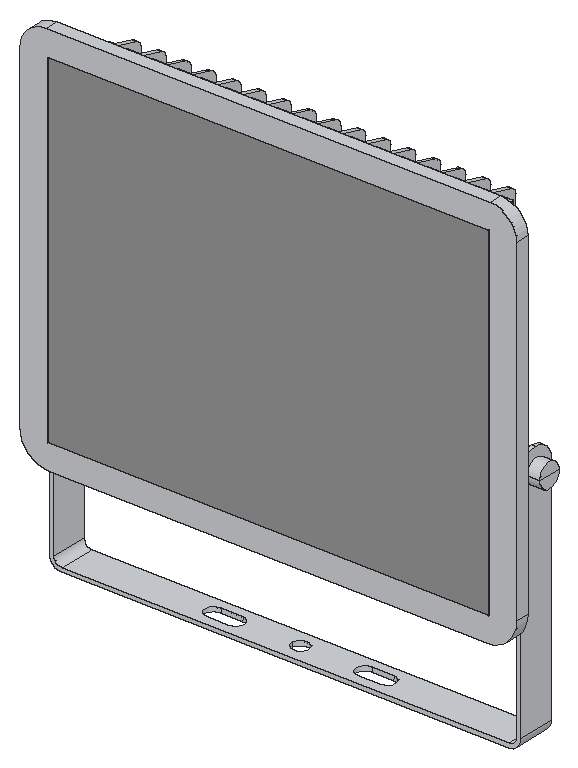
Revit family "0050120", category Lighting Fixtures, Revit 2017
Family settings
  Round Connector Dimension = Use Diameter
  Part Type = Normal
  OmniClass Number = 23.80.70.00
  OmniClass Title = Lighting
  Work Plane-Based = No
  Always vertical = Yes
  Cut with Voids When Loaded = No
  Light Source = Yes
  Shared = No
  Room Calculation Point = No
Parameters (values of type "0050120 ST FLD FLT IP65 5000LM 840 WH")
  Weight = "4.44 kg"
  Wattage = 45 W
  WarrantyStartDate [instance] = "n/a"
  WarrantyGuarantorParts = "n/a"
  WarrantyDurationUnit = "n/a"
  WarrantyDurationParts = "n/a"
  WarrantyDescription = "n/a"
  built-in parameter 1150110 = 1 (stored number, unit not read)
  Voltage = 0 V
  URL = "http://www.sylvania-lighting.com"
  TypeName = "Start Flood Flat IP65 5000LM 840 White"
  built-in parameter 1114217 = 1 (stored number, unit not read)
  Tilt Angle = 0.00°
  built-in parameter 1150109 = 1 (stored number, unit not read)
  built-in parameter 1150134 = 12
  built-in parameter 1150113 = 1 (stored number, unit not read)
  SerialNumber [instance] = "n/a"
  PowerFactor = 0.9
  PowerConsumption = "45 W"
  Photometric Web File = "0050120.ies"
  NominalWidth = 0 mm
  NominalLength = 151 mm
  NominalHeight = 30 mm
  Name = "Start Flood Flat IP65 5000LM 840 White"
  ModelReference = "Start Flood Flat IP65 5000LM 840 White"
  ModelNumber = "0050120"
  Model = "Start Flood Flat IP65 5000LM 840 White"
  Material_4_FEILO = none
  Material_3_FEILO = none
  Material_2_FEILO = Default New Material
  Material_1_FEILO = none
  Material = "n/a"
  ManufacturerName = "Feilo Sylvania"
  Manufacturer = "Feilo Sylvania"
  LuminousEfficacy = "111 lm/W"
  Lumens = 4995 lm
  LuminaireType = ""
  built-in parameter 1150115 = 1 (stored number, unit not read)
  built-in parameter 1150105 = -9028462.5 (stored number, unit not read)
  LightOutputRatio = "n/a"
  built-in parameter 1150137 = (empty or 0)
  built-in parameter 1150139 = (empty or 0)
  LampsType = "LED"
  LampNominalLuminous = "5000 lm"
  LampMacAdamStep = "5"
  LampColourTemperature = "4000 K"
  LampColourRenderingIndex = "80"
  built-in parameter 1150112 = 1 (stored number, unit not read)
  built-in parameter 1150114 = 1 (stored number, unit not read)
  Lamp = "LED"
  LUM_WIDTH_SYL = 93.5 mm  # constant formula
  LUM_HEIGHT_SYL = 74.5 mm  # constant formula
  LUM_EXTR_ST_SYL = -5 mm
  LUM_EXTR_END_SYL = 0 mm
  LUM_DEPTH_SYL = 30 mm
  Keynote = "16500"
  InstallationDate [instance] = "n/a"
  InputVoltage = "n/a"
  InputNominalFrequency = "n/a"
  built-in parameter 1150132 = 2
  built-in parameter 1150102 = (empty or 0)
  built-in parameter 1150138 = (empty or 0)
  built-in parameter 1150107 = 4000 (stored number, unit not read)
  IngressProtection = "IP65"
  ImpactProtectionIndex = "IK06"
  built-in parameter 1150106 = -90284.6 (stored number, unit not read)
  IfcExportType = "IfcLightFixtureType"
  IfcExportAs = "IfcLightFixtureType"
  ElectricShockClassification = "Class I"
  built-in parameter 1150104 = 10.312 (stored number, unit not read)
  DocumentationLiterature = "http://www.sylvania-lighting.com/product/en-int/products/0050120"
  DimmingControlOptions = "n/a"
  Dimming Lamp Color Temperature Shift = <None>
  DIF_WIDTH_SYL = 83 mm  # constant formula
  DIF_HEIGHT_SYL = 65 mm  # constant formula
  CreatedOn = "12/2/2020"
  CreatedBy = "@sylvania-lighting.com"
  Color Filter = 16777215
  ClassificationValue = "EF_70_80"
  ClassificationName = "Uniclass2015"
  CABLE_SIDE_DIST_SYL = 47 mm
  CABLE_LENGTH_SYL = 5 mm
  CABLE_FRONT_DIST_SYL = 17.5 mm
  CABLES_DIST_SYL = 93 mm
  BarCode [instance] = "n/a"
  built-in parameter 1114218 = 1 (stored number, unit not read)
  B_RAIL_R_DIST_SYL = 7 mm
  B_RAIL_HEIGHT_SYL = 27 mm
  B_RAIL_DEPTH_SYL = 44 mm
  B_RAIL_CHAMFER_SYL = 7 mm
  BRACKET_HOLDER_WIDTH_SYL = 12 mm
  BRACKET_HOLDER_HEIGHT_SYL = 17 mm
  BRACKET_HOLDER_DIST_SIDE_SYL = 2.8 mm
  BRACKET_HOLDER_DIST_BOTT_SYL = 48 mm
  BRACKET_HOLDER_DEPTH_SYL = 5.7 mm
  BOX_WIDTH_SYL = 76.5 mm
  BOX_TOP_DIST_SYL = 10.5 mm
  BOX_DEPTH_SYL = 14 mm
  BOX_BOTT_DIST_SYL = 28 mm
  BACK_RAIL_WIDTH_SYL = 1.4 mm
  BACK_RAIL_SIDE_DIST_SYL = 19 mm
  BACK_PL_EXTR_ST_SYL = -6 mm
  BACK_PL_EXTR_ST(-1)_SYL = BACK_PL_EXTR_ST_SYL * (-1)  # 6 mm
  BACK_PL_EXTR_END_SYL = -3 mm
  BACK_PL_EXTR_END(-1)_SYL = BACK_PL_EXTR_END_SYL * (-1)  # 3 mm
  built-in parameter 1150133 = 10 (stored number, unit not read)
  AssetType = "Fixed"
  AssetIdentifier [instance] = "n/a"
  Assembly Code = "D5020200"
  Apparent Load = 45 VA
  0_18W_SYL = yes
Types (5, lengths in mm): name | TypeName | built-in parameter 1150134 | Photometric Web File | Name | ModelReference | ModelNumber | Model | LuminousEfficacy | Lumens | built-in parameter 1150105 | LampNominalLuminous | LampColourTemperature | built-in parameter 1150107 | built-in parameter 1150106 | built-in parameter 1150104 | DocumentationLiterature
  0050154 ST FLD FLT IP65 5000LM 865 BK | "Start Flood Flat IP65 5000LM 865 Black" | 1 | "0050154.ies" | "Start Flood Flat IP65 5000LM 865 Black" | "Start Flood Flat IP65 5000LM 865 Black" | "0050154" | "Start Flood Flat IP65 5000LM 865 Black" | "111 lm/W" | 4995 lm | -9028462.5 (stored number, unit not read) | "5000 lm" | "6500 K" | 6500 (stored number, unit not read) | -90284.6 (stored number, unit not read) | 10.312 (stored number, unit not read) | "http://www.sylvania-lighting.com/product/en-int/products/0050154"
  0050120 ST FLD FLT IP65 5000LM 840 WH | "Start Flood Flat IP65 5000LM 840 White" | 12 | "0050120.ies" | "Start Flood Flat IP65 5000LM 840 White" | "Start Flood Flat IP65 5000LM 840 White" | "0050120" | "Start Flood Flat IP65 5000LM 840 White" | "111 lm/W" | 4995 lm | -9028462.5 (stored number, unit not read) | "5000 lm" | "4000 K" | 4000 (stored number, unit not read) | -90284.6 (stored number, unit not read) | 10.312 (stored number, unit not read) | "http://www.sylvania-lighting.com/product/en-int/products/0050120"
  0050119 ST FLD FLT IP65 4650LM 830 WH | "Start Flood Flat IP65 4650LM 830 White" | (empty or 0) | "0050119.ies" | "Start Flood Flat IP65 4650LM 830 White" | "Start Flood Flat IP65 4650LM 830 White" | "0050119" | "Start Flood Flat IP65 4650LM 830 White" | "103 lm/W" | 4635 lm | -7791342.3 (stored number, unit not read) | "4650 lm" | "3000 K" | 3000 (stored number, unit not read) | -77913.4 (stored number, unit not read) | 9.569 (stored number, unit not read) | "http://www.sylvania-lighting.com/product/en-int/products/0050119"
  0050118 ST FLD FLT IP65 5000LM 840 BK | "Start Flood Flat IP65 5000LM 840 Black" | 12 | "0050118.ies" | "Start Flood Flat IP65 5000LM 840 Black" | "Start Flood Flat IP65 5000LM 840 Black" | "0050118" | "Start Flood Flat IP65 5000LM 840 Black" | "111 lm/W" | 4995 lm | -9028462.5 (stored number, unit not read) | "5000 lm" | "4000 K" | 4000 (stored number, unit not read) | -90284.6 (stored number, unit not read) | 10.312 (stored number, unit not read) | "http://www.sylvania-lighting.com/product/en-int/products/0050118"
  0050117 ST FLD FLT IP65 4650LM 830 BK | "Start Flood Flat IP65 4650LM 830 Black" | (empty or 0) | "0050117.ies" | "Start Flood Flat IP65 4650LM 830 Black" | "Start Flood Flat IP65 4650LM 830 Black" | "0050117" | "Start Flood Flat IP65 4650LM 830 Black" | "103 lm/W" | 4635 lm | -7791342.3 (stored number, unit not read) | "4650 lm" | "3000 K" | 3000 (stored number, unit not read) | -77913.4 (stored number, unit not read) | 9.569 (stored number, unit not read) | "http://www.sylvania-lighting.com/product/en-int/products/0050117"
Reference planes
  plane 1 "Light Source Axis (F/B)": y = 0
  plane 2: z = 0
  plane 3 "Light Source Axis (L/R)": x = 0
  plane 4 "Light Source Elevation": z = -0.469
  plane 5: x = 93.5
  plane 6: x = -93.5
  plane 7: z = 74.5
  plane 8: z = -74.5
  plane 9: x = 83
  plane 10: x = -83
  plane 11: z = 65
  plane 12: z = -65
  plane 13: y = 6
  plane 14: y = 3
  plane 15: x = -76.5
  plane 16: x = 76.5
  plane 17: y = 20
  plane 18: z = 64
  plane 19: z = -46.5
  plane 20: y = 30
  plane 21: z = -26.5
  plane 22: z = -14.5
  plane 23: y = 21
  plane 24: x = 54.2
  plane 25: x = 39.5
  plane 26: x = 46.5
  plane 27: x = -46.5
  plane 28: y = 14
  plane 29: z = -38
  plane 30: y = 27
  plane 31: z = -2.5
  plane 32: z = -9.5
  plane 33: x = 74.5
  plane 34: x = 73.1
  plane 35: x = 66.1
  plane 36: x = 20.8
  plane 37: x = 13.8
  plane 38: x = 12.4
  plane 39: x = 5.4
  plane 40: x = 4
  plane 41: z = -50.4
  plane 42: x = -71.3
  plane 43: x = -69.7
  plane 44: x = 87.1
  plane 45: x = 80.1
  plane 46: z = -76.1
Forms (mm)
  Extrusion 1, solid
    sketch origin (0, 0, 0) x (1, 0, 0) y (0, 0, 1)
      loop
        arc (-83.5, 74.5) -> (-90.571, 71.571) -> (-93.5, 64.5) r 10
        line (-93.5, 64.5) -> (-93.5, -63)
        arc (-93.5, -63) -> (-90.132, -71.132) -> (-82, -74.5) r 11.5
        line (-82, -74.5) -> (82, -74.5)
        arc (82, -74.5) -> (90.132, -71.132) -> (93.5, -63) r 11.5
        line (93.5, -63) -> (93.5, 64.5)
        arc (93.5, 64.5) -> (90.571, 71.571) -> (83.5, 74.5) r 10
        line (83.5, 74.5) -> (-83.5, 74.5)
      loop
        line (-83, 65) -> (-83, -65) -> (83, -65) -> (83, 65) -> (-83, 65)
    from -5 <- "LUM_EXTR_ST_SYL" to 0 <- "LUM_EXTR_END_SYL"
  Extrusion 2, solid, material "Default New Material" <- "Material_2_FEILO"
    sketch origin (0, 0, 0) x (1, 0, 0) y (0, 0, 1)
      loop
        line (-83, 65) -> (-83, -65) -> (83, -65) -> (83, 65) -> (-83, 65)
    from -3 <- "BACK_PL_EXTR_END_SYL" to 0 <- "LUM_EXTR_END_SYL"
  Extrusion 3, solid
    sketch origin (0, 0, 0) x (1, 0, 0) y (0, 0, 1)
      loop
        line (83, 65) -> (-83, 65) -> (-83, -65) -> (83, -65) -> (83, 65)
    from -6 <- "BACK_PL_EXTR_ST_SYL" to -3 <- "BACK_PL_EXTR_END_SYL"
  Extrusion 4, solid
    sketch origin (0, 0, 0) x (1, 0, 0) y (0, 1, 0)
      loop
        arc (-75.5, 20) -> (-76.207, 19.707) -> (-76.5, 19) r 1
        line (-76.5, 19) -> (-76.5, 6) -> (76.5, 6) -> (76.5, 19)
        arc (76.5, 19) -> (76.207, 19.707) -> (75.5, 20) r 1
        line (75.5, 20) -> (-75.5, 20)
    from -46.5 to 64
  Extrusion 5, solid
    sketch origin (0, 0, 0) x (1, 0, 0) y (0, 1, 0)
      loop
        arc (-66.5, 30) -> (-73.571, 27.071) -> (-76.5, 20) r 10
        line (-76.5, 20) -> (-76.5, 6) -> (76.5, 6) -> (76.5, 20)
        arc (76.5, 20) -> (73.571, 27.071) -> (66.5, 30) r 10
        line (66.5, 30) -> (-66.5, 30)
    from -65 to -46.5
  Extrusion 6, solid
    sketch origin (0, 0, 0) x (0, 1, 0) y (0, 0, 1)
      loop
        line (5, -14.5) -> (5, -26.5) -> (15, -26.5)
        arc (15, -26.5) -> (19.243, -24.743) -> (21, -20.5) r 6
        arc (21, -20.5) -> (19.243, -16.257) -> (15, -14.5) r 6
        line (15, -14.5) -> (5, -14.5)
      loop
        circle (15, -20.5) r 2.5
    from 80.1 to 87.1
  Extrusion 7, solid
    sketch origin (0, 0, 0) x (1, 0, 0) y (0, 1, 0)
      loop
        circle (-46.5, 14) r 7
      loop
        circle (46.5, 14) r 9
    from -59.1 to -76.1
  Extrusion 8, solid
    sketch origin (75.017, 5.639, -10.469) x (0, 1, 0) y (0, 0, 1)
      loop
        line (-0.625, -36.469) -> (21.299, -36.469) -> (21.299, 71.149)
        arc (21.299, 71.149) -> (20.908, 73.206) -> (19.238, 74.469) r 2.911
        line (19.238, 74.469) -> (-0.625, 80.168) -> (-0.625, 15.688) -> (-0.625, -36.469)
    from -146.317 to -144.717
  Extrusion 9, solid
    sketch origin (-75.017, 5.639, -10.469) x (0, 1, 0) y (0, 0, -1)
      loop
        line (-0.625, 36.469) -> (-0.625, -15.688) -> (-0.625, -80.168) -> (19.238, -74.469)
        arc (19.238, -74.469) -> (20.908, -73.206) -> (21.299, -71.149) r 2.911
        line (21.299, -71.149) -> (21.299, 36.469) -> (-0.625, 36.469)
    from -146.317 to -144.717
  Extrusion 10, solid
    sketch origin (216.017, 5.639, -10.469) x (0, 1, 0) y (0, 0, 1)
      loop
        line (-0.625, -36.469) -> (21.299, -36.469) -> (21.299, 71.149)
        arc (21.299, 71.149) -> (20.908, 73.206) -> (19.238, 74.469) r 2.911
        line (19.238, 74.469) -> (-0.625, 80.168) -> (-0.625, 15.688) -> (-0.625, -36.469)
    from -146.317 to -144.717
  Extrusion 11, solid
    sketch origin (84.417, 5.639, -10.469) x (0, 1, 0) y (0, 0, 1)
      loop
        line (-0.625, -36.469) -> (21.299, -36.469) -> (21.299, 71.149)
        arc (21.299, 71.149) -> (20.908, 73.206) -> (19.238, 74.469) r 2.911
        line (19.238, 74.469) -> (-0.625, 80.168) -> (-0.625, 15.688) -> (-0.625, -36.469)
    from -146.317 to -144.717
  Extrusion 12, solid
    sketch origin (93.817, 5.639, -10.469) x (0, 1, 0) y (0, 0, 1)
      loop
        line (-0.625, -36.469) -> (21.299, -36.469) -> (21.299, 71.149)
        arc (21.299, 71.149) -> (20.908, 73.206) -> (19.238, 74.469) r 2.911
        line (19.238, 74.469) -> (-0.625, 80.168) -> (-0.625, 15.688) -> (-0.625, -36.469)
    from -146.317 to -144.717
  Extrusion 13, solid
    sketch origin (103.217, 5.639, -10.469) x (0, 1, 0) y (0, 0, 1)
      loop
        line (-0.625, -36.469) -> (21.299, -36.469) -> (21.299, 71.149)
        arc (21.299, 71.149) -> (20.908, 73.206) -> (19.238, 74.469) r 2.911
        line (19.238, 74.469) -> (-0.625, 80.168) -> (-0.625, 15.688) -> (-0.625, -36.469)
    from -146.317 to -144.717
  Extrusion 14, solid
    sketch origin (112.617, 5.639, -10.469) x (0, 1, 0) y (0, 0, 1)
      loop
        line (-0.625, -36.469) -> (21.299, -36.469) -> (21.299, 71.149)
        arc (21.299, 71.149) -> (20.908, 73.206) -> (19.238, 74.469) r 2.911
        line (19.238, 74.469) -> (-0.625, 80.168) -> (-0.625, 15.688) -> (-0.625, -36.469)
    from -146.317 to -144.717
  Extrusion 15, solid
    sketch origin (122.017, 5.639, -10.469) x (0, 1, 0) y (0, 0, 1)
      loop
        line (-0.625, -36.469) -> (21.299, -36.469) -> (21.299, 71.149)
        arc (21.299, 71.149) -> (20.908, 73.206) -> (19.238, 74.469) r 2.911
        line (19.238, 74.469) -> (-0.625, 80.168) -> (-0.625, 15.688) -> (-0.625, -36.469)
    from -146.317 to -144.717
  Extrusion 16, solid
    sketch origin (131.417, 5.639, -10.469) x (0, 1, 0) y (0, 0, 1)
      loop
        line (-0.625, -36.469) -> (21.299, -36.469) -> (21.299, 71.149)
        arc (21.299, 71.149) -> (20.908, 73.206) -> (19.238, 74.469) r 2.911
        line (19.238, 74.469) -> (-0.625, 80.168) -> (-0.625, 15.688) -> (-0.625, -36.469)
    from -146.317 to -144.717
  Extrusion 17, solid
    sketch origin (140.817, 5.639, -10.469) x (0, 1, 0) y (0, 0, 1)
      loop
        line (-0.625, -36.469) -> (21.299, -36.469) -> (21.299, 71.149)
        arc (21.299, 71.149) -> (20.908, 73.206) -> (19.238, 74.469) r 2.911
        line (19.238, 74.469) -> (-0.625, 80.168) -> (-0.625, 15.688) -> (-0.625, -36.469)
    from -146.317 to -144.717
  Extrusion 18, solid
    sketch origin (150.217, 5.639, -10.469) x (0, 1, 0) y (0, 0, 1)
      loop
        line (-0.625, -36.469) -> (21.299, -36.469) -> (21.299, 71.149)
        arc (21.299, 71.149) -> (20.908, 73.206) -> (19.238, 74.469) r 2.911
        line (19.238, 74.469) -> (-0.625, 80.168) -> (-0.625, 15.688) -> (-0.625, -36.469)
    from -146.317 to -144.717
  Extrusion 19, solid
    sketch origin (159.617, 5.639, -10.469) x (0, 1, 0) y (0, 0, 1)
      loop
        line (-0.625, -36.469) -> (21.299, -36.469) -> (21.299, 71.149)
        arc (21.299, 71.149) -> (20.908, 73.206) -> (19.238, 74.469) r 2.911
        line (19.238, 74.469) -> (-0.625, 80.168) -> (-0.625, 15.688) -> (-0.625, -36.469)
    from -146.317 to -144.717
  Extrusion 20, solid
    sketch origin (169.017, 5.639, -10.469) x (0, 1, 0) y (0, 0, 1)
      loop
        line (-0.625, -36.469) -> (21.299, -36.469) -> (21.299, 71.149)
        arc (21.299, 71.149) -> (20.908, 73.206) -> (19.238, 74.469) r 2.911
        line (19.238, 74.469) -> (-0.625, 80.168) -> (-0.625, 15.688) -> (-0.625, -36.469)
    from -146.317 to -144.717
  Extrusion 21, solid
    sketch origin (178.417, 5.639, -10.469) x (0, 1, 0) y (0, 0, 1)
      loop
        line (-0.625, -36.469) -> (21.299, -36.469) -> (21.299, 71.149)
        arc (21.299, 71.149) -> (20.908, 73.206) -> (19.238, 74.469) r 2.911
        line (19.238, 74.469) -> (-0.625, 80.168) -> (-0.625, 15.688) -> (-0.625, -36.469)
    from -146.317 to -144.717
  Extrusion 22, solid
    sketch origin (187.817, 5.639, -10.469) x (0, 1, 0) y (0, 0, 1)
      loop
        line (-0.625, -36.469) -> (21.299, -36.469) -> (21.299, 71.149)
        arc (21.299, 71.149) -> (20.908, 73.206) -> (19.238, 74.469) r 2.911
        line (19.238, 74.469) -> (-0.625, 80.168) -> (-0.625, 15.688) -> (-0.625, -36.469)
    from -146.317 to -144.717
  Extrusion 23, solid
    sketch origin (197.217, 5.639, -10.469) x (0, 1, 0) y (0, 0, 1)
      loop
        line (-0.625, -36.469) -> (21.299, -36.469) -> (21.299, 71.149)
        arc (21.299, 71.149) -> (20.908, 73.206) -> (19.238, 74.469) r 2.911
        line (19.238, 74.469) -> (-0.625, 80.168) -> (-0.625, 15.688) -> (-0.625, -36.469)
    from -146.317 to -144.717
  Extrusion 24, solid
    sketch origin (206.617, 5.639, -10.469) x (0, 1, 0) y (0, 0, 1)
      loop
        line (-0.625, -36.469) -> (21.299, -36.469) -> (21.299, 71.149)
        arc (21.299, 71.149) -> (20.908, 73.206) -> (19.238, 74.469) r 2.911
        line (19.238, 74.469) -> (-0.625, 80.168) -> (-0.625, 15.688) -> (-0.625, -36.469)
    from -146.317 to -144.717
  Extrusion 25, solid
    sketch origin (0, 0, 0) x (0, 1, 0) y (0, 0, -1)
      loop
        line (5, 14.5) -> (15, 14.5)
        arc (15, 14.5) -> (19.243, 16.257) -> (21, 20.5) r 6
        arc (21, 20.5) -> (19.243, 24.743) -> (15, 26.5) r 6
        line (15, 26.5) -> (5, 26.5) -> (5, 14.5)
      loop
        circle (15, 20.5) r 2.5
    from 80.1 to 87.1
Cuts and joins
  joined: Extrusion 1, Extrusion 3, Extrusion 4, Extrusion 5
Dimensions and locks
  "LUM_WIDTH_SYL": plane 5 to plane 3 "Light Source Axis (L/R)" to plane 6
  "LUM_HEIGHT_SYL": plane 7 to plane 2 to plane 8
  "DIF_WIDTH_SYL": plane 9 to plane 3 "Light Source Axis (L/R)" to plane 10
  "DIF_HEIGHT_SYL": plane 11 to plane 2 to plane 12
  "BACK_PL_EXTR_ST(-1)_SYL": plane 1 "Light Source Axis (F/B)" to plane 13
  "BACK_PL_EXTR_END(-1)_SYL": plane 1 "Light Source Axis (F/B)" to plane 14
  "BOX_WIDTH_SYL": plane 15 to plane 3 "Light Source Axis (L/R)" to plane 16
  "BOX_DEPTH_SYL": plane 13 to plane 17
  "BOX_TOP_DIST_SYL": plane 18 to plane 7
  "BOX_BOTT_DIST_SYL": plane 8 to plane 19
  "LUM_DEPTH_SYL": plane 1 "Light Source Axis (F/B)" to plane 20
  "BRACKET_HOLDER_DIST_BOTT_SYL": plane 21 to plane 8
  "BRACKET_HOLDER_WIDTH_SYL": plane 22 to plane 21
  cut or joined group of Extrusion 1, Extrusion 3, Extrusion 4, Extrusion 5 to plane 23 = 15 mm
  cut or joined group of Extrusion 1, Extrusion 3, Extrusion 4, Extrusion 5 to plane 24 = 39.3 mm
  plane 25 to plane 24 = 14.7 mm
  "CABLES_DIST_SYL": plane 27 to plane 26
  "CABLE_SIDE_DIST_SYL": plane 26 to plane 5
  cut or joined group of Extrusion 1, Extrusion 3, Extrusion 4, Extrusion 5 to plane 28 = 14 mm
  "B_RAIL_HEIGHT_SYL": plane 30 to plane 1 "Light Source Axis (F/B)"
  "B_RAIL_DEPTH_SYL": plane 31 to plane 19
  "B_RAIL_CHAMFER_SYL": plane 31 to plane 32
  "BACK_RAIL_SIDE_DIST_SYL": plane 5 to plane 33
  "BACK_RAIL_WIDTH_SYL": plane 33 to plane 34
  "B_RAIL_R_DIST_SYL": plane 34 to plane 35
  "B_RAIL_R_DIST_SYL": plane 36 to plane 37
  "BACK_RAIL_WIDTH_SYL": plane 37 to plane 38
  "BACK_RAIL_WIDTH_SYL": plane 39 to plane 40
  "B_RAIL_R_DIST_SYL": plane 38 to plane 39
  plane 35 to plane 26 = 19.6 mm
  equal spacing: group 1, group 3, group 4, group 5, group 6, group 7, group 8, group 9, group 10, group 11, group 12, group 13, group 14, group 15, group 16, group 2  (x3)
  aligned and locked: plane 4 "Light Source Elevation" to imposter light
  aligned and locked: level to plane 2
  aligned and locked: Extrusion 1 sketch curve to plane 7
  aligned and locked: plane 6 to Extrusion 1 sketch curve
  aligned and locked: plane 8 to Extrusion 1 sketch curve
  aligned and locked: Extrusion 1 sketch curve to plane 5
  aligned and locked: Extrusion 1 sketch curve to plane 11
  aligned and locked: plane 10 to Extrusion 1 sketch curve
  aligned and locked: plane 12 to Extrusion 1 sketch curve
  aligned and locked: Extrusion 1 sketch curve to plane 9
  aligned and locked: Extrusion 2 sketch curve to Extrusion 1  (x4)
  aligned and locked: Extrusion 3 sketch curve to Extrusion 1  (x4)
  aligned and locked: Extrusion 3 to Extrusion 2
  aligned and locked: plane 17 to Extrusion 4 sketch curve
  aligned and locked: plane 15 to Extrusion 4 sketch curve
  aligned and locked: Extrusion 4 sketch curve to plane 13
  aligned and locked: Extrusion 4 sketch curve to plane 16
  aligned and locked: plane 18 to Extrusion 4
  aligned and locked: Extrusion 4 to plane 19
  aligned and locked: plane 20 to Extrusion 5 sketch curve
  aligned and locked: plane 15 to Extrusion 5 sketch curve
  aligned and locked: cut or joined group of Extrusion 1, Extrusion 3, Extrusion 4, Extrusion 5 to Extrusion 5 sketch curve
  aligned and locked: Extrusion 5 sketch curve to cut or joined group of Extrusion 1, Extrusion 3, Extrusion 4, Extrusion 5
  aligned and locked: plane 19 to Extrusion 5
  aligned and locked: Extrusion 5 to plane 12
  aligned and locked: Extrusion 6 sketch curve to plane 22
  aligned and locked: plane 21 to Extrusion 6 sketch curve
  aligned and locked: Extrusion 6 to cut or joined group of Extrusion 1, Extrusion 3, Extrusion 4, Extrusion 5
  aligned and locked: Extrusion 8 to plane 42
  aligned and locked: Extrusion 8 to plane 43
  aligned and locked: Extrusion 6 to plane 44
  aligned and locked: plane 45 to Extrusion 6
  aligned and locked: Extrusion 7 to plane 46
Automatic sketch dimensions
  Extrusion 8 sketch curve to Extrusion 8 sketch curve = 19.06 mm
  Extrusion 8 sketch curve to Extrusion 8 sketch curve = 0.803 mm
  Extrusion 8 sketch curve to Extrusion 8 sketch curve = 21.924 mm
  Extrusion 8 sketch curve to Extrusion 8 sketch curve = 52.156 mm
  Extrusion 8 sketch curve to Extrusion 8 sketch curve = 55.461 mm
  Extrusion 8 sketch curve to Extrusion 8 sketch curve = 0.521 mm
  Extrusion 10 sketch curve to Extrusion 10 sketch curve = 19.06 mm
  Extrusion 10 sketch curve to Extrusion 10 sketch curve = 0.803 mm
  Extrusion 10 sketch curve to Extrusion 10 sketch curve = 21.924 mm
  Extrusion 10 sketch curve to Extrusion 10 sketch curve = 52.156 mm
  Extrusion 10 sketch curve to Extrusion 10 sketch curve = 55.461 mm
  Extrusion 10 sketch curve to Extrusion 10 sketch curve = 0.521 mm
  Extrusion 11 sketch curve to Extrusion 11 sketch curve = 19.06 mm
  Extrusion 11 sketch curve to Extrusion 11 sketch curve = 0.803 mm
  Extrusion 11 sketch curve to Extrusion 11 sketch curve = 21.924 mm
  Extrusion 11 sketch curve to Extrusion 11 sketch curve = 52.156 mm
  Extrusion 11 sketch curve to Extrusion 11 sketch curve = 55.461 mm
  Extrusion 11 sketch curve to Extrusion 11 sketch curve = 0.521 mm
  Extrusion 12 sketch curve to Extrusion 12 sketch curve = 19.06 mm
  Extrusion 12 sketch curve to Extrusion 12 sketch curve = 0.803 mm
  Extrusion 12 sketch curve to Extrusion 12 sketch curve = 21.924 mm
  Extrusion 12 sketch curve to Extrusion 12 sketch curve = 52.156 mm
  Extrusion 12 sketch curve to Extrusion 12 sketch curve = 55.461 mm
  Extrusion 12 sketch curve to Extrusion 12 sketch curve = 0.521 mm
  Extrusion 13 sketch curve to Extrusion 13 sketch curve = 19.06 mm
  Extrusion 13 sketch curve to Extrusion 13 sketch curve = 0.803 mm
  Extrusion 13 sketch curve to Extrusion 13 sketch curve = 21.924 mm
  Extrusion 13 sketch curve to Extrusion 13 sketch curve = 52.156 mm
  Extrusion 13 sketch curve to Extrusion 13 sketch curve = 55.461 mm
  Extrusion 13 sketch curve to Extrusion 13 sketch curve = 0.521 mm
  Extrusion 14 sketch curve to Extrusion 14 sketch curve = 19.06 mm
  Extrusion 14 sketch curve to Extrusion 14 sketch curve = 0.803 mm
  Extrusion 14 sketch curve to Extrusion 14 sketch curve = 21.924 mm
  Extrusion 14 sketch curve to Extrusion 14 sketch curve = 52.156 mm
  Extrusion 14 sketch curve to Extrusion 14 sketch curve = 55.461 mm
  Extrusion 14 sketch curve to Extrusion 14 sketch curve = 0.521 mm
  Extrusion 15 sketch curve to Extrusion 15 sketch curve = 19.06 mm
  Extrusion 15 sketch curve to Extrusion 15 sketch curve = 0.803 mm
  Extrusion 15 sketch curve to Extrusion 15 sketch curve = 21.924 mm
  Extrusion 15 sketch curve to Extrusion 15 sketch curve = 52.156 mm
  Extrusion 15 sketch curve to Extrusion 15 sketch curve = 55.461 mm
  Extrusion 15 sketch curve to Extrusion 15 sketch curve = 0.521 mm
  Extrusion 16 sketch curve to Extrusion 16 sketch curve = 19.06 mm
  Extrusion 16 sketch curve to Extrusion 16 sketch curve = 0.803 mm
  Extrusion 16 sketch curve to Extrusion 16 sketch curve = 21.924 mm
  Extrusion 16 sketch curve to Extrusion 16 sketch curve = 52.156 mm
  Extrusion 16 sketch curve to Extrusion 16 sketch curve = 55.461 mm
  Extrusion 16 sketch curve to Extrusion 16 sketch curve = 0.521 mm
  Extrusion 17 sketch curve to Extrusion 17 sketch curve = 19.06 mm
  Extrusion 17 sketch curve to Extrusion 17 sketch curve = 0.803 mm
  Extrusion 17 sketch curve to Extrusion 17 sketch curve = 21.924 mm
  Extrusion 17 sketch curve to Extrusion 17 sketch curve = 52.156 mm
  Extrusion 17 sketch curve to Extrusion 17 sketch curve = 55.461 mm
  Extrusion 17 sketch curve to Extrusion 17 sketch curve = 0.521 mm
  Extrusion 18 sketch curve to Extrusion 18 sketch curve = 19.06 mm
  Extrusion 18 sketch curve to Extrusion 18 sketch curve = 0.803 mm
  Extrusion 18 sketch curve to Extrusion 18 sketch curve = 21.924 mm
  Extrusion 18 sketch curve to Extrusion 18 sketch curve = 52.156 mm
  Extrusion 18 sketch curve to Extrusion 18 sketch curve = 55.461 mm
  Extrusion 18 sketch curve to Extrusion 18 sketch curve = 0.521 mm
  Extrusion 19 sketch curve to Extrusion 19 sketch curve = 19.06 mm
  Extrusion 19 sketch curve to Extrusion 19 sketch curve = 0.803 mm
  Extrusion 19 sketch curve to Extrusion 19 sketch curve = 21.924 mm
  Extrusion 19 sketch curve to Extrusion 19 sketch curve = 52.156 mm
  Extrusion 19 sketch curve to Extrusion 19 sketch curve = 55.461 mm
  Extrusion 19 sketch curve to Extrusion 19 sketch curve = 0.521 mm
  Extrusion 20 sketch curve to Extrusion 20 sketch curve = 19.06 mm
  Extrusion 20 sketch curve to Extrusion 20 sketch curve = 0.803 mm
  Extrusion 20 sketch curve to Extrusion 20 sketch curve = 21.924 mm
  Extrusion 20 sketch curve to Extrusion 20 sketch curve = 52.156 mm
  Extrusion 20 sketch curve to Extrusion 20 sketch curve = 55.461 mm
  Extrusion 20 sketch curve to Extrusion 20 sketch curve = 0.521 mm
  Extrusion 21 sketch curve to Extrusion 21 sketch curve = 19.06 mm
  Extrusion 21 sketch curve to Extrusion 21 sketch curve = 0.803 mm
  Extrusion 21 sketch curve to Extrusion 21 sketch curve = 21.924 mm
  Extrusion 21 sketch curve to Extrusion 21 sketch curve = 52.156 mm
  Extrusion 21 sketch curve to Extrusion 21 sketch curve = 55.461 mm
  Extrusion 21 sketch curve to Extrusion 21 sketch curve = 0.521 mm
  Extrusion 22 sketch curve to Extrusion 22 sketch curve = 19.06 mm
  Extrusion 22 sketch curve to Extrusion 22 sketch curve = 0.803 mm
  Extrusion 22 sketch curve to Extrusion 22 sketch curve = 21.924 mm
  Extrusion 22 sketch curve to Extrusion 22 sketch curve = 52.156 mm
  Extrusion 22 sketch curve to Extrusion 22 sketch curve = 55.461 mm
  Extrusion 22 sketch curve to Extrusion 22 sketch curve = 0.521 mm
  Extrusion 23 sketch curve to Extrusion 23 sketch curve = 19.06 mm
  Extrusion 23 sketch curve to Extrusion 23 sketch curve = 0.803 mm
  Extrusion 23 sketch curve to Extrusion 23 sketch curve = 21.924 mm
  Extrusion 23 sketch curve to Extrusion 23 sketch curve = 52.156 mm
  Extrusion 23 sketch curve to Extrusion 23 sketch curve = 55.461 mm
  Extrusion 23 sketch curve to Extrusion 23 sketch curve = 0.521 mm
  Extrusion 24 sketch curve to Extrusion 24 sketch curve = 19.06 mm
  Extrusion 24 sketch curve to Extrusion 24 sketch curve = 0.803 mm
  Extrusion 24 sketch curve to Extrusion 24 sketch curve = 21.924 mm
  Extrusion 24 sketch curve to Extrusion 24 sketch curve = 52.156 mm
  Extrusion 24 sketch curve to Extrusion 24 sketch curve = 55.461 mm
  Extrusion 24 sketch curve to Extrusion 24 sketch curve = 0.521 mm
  Extrusion 1 sketch curve to plane 10 = 0.5 mm
  plane 10 to Extrusion 1 sketch curve = 1 mm
  Extrusion 1 sketch curve to plane 9 = 1 mm
  plane 9 to Extrusion 1 sketch curve = 0.5 mm
  plane 15 to Extrusion 4 sketch curve = 1 mm
  Extrusion 4 sketch curve to plane 16 = 1 mm
  Extrusion 5 sketch curve to plane 15 = 0 mm
  plane 17 to Extrusion 5 sketch curve = 0 mm  (x2)
  Extrusion 6 sketch curve to Extrusion 6 sketch curve = 0 mm  (x5)
  Extrusion 6 sketch curve to plane 23 = 0 mm
  plane 13 to Extrusion 6 sketch curve = 1 mm
  Extrusion 7 sketch curve to plane 27 = 0 mm
  Extrusion 7 sketch curve to plane 26 = 0 mm
  Extrusion 7 sketch curve to plane 28 = 0 mm  (x2)
  Extrusion 9 sketch curve to plane 18 = 0 mm
  Extrusion 9 sketch curve to plane 19 = 0.438 mm
  plane 13 to Extrusion 9 sketch curve = 0.986 mm
  plane 30 to Extrusion 9 sketch curve = 2.927 mm
  plane 30 to Extrusion 9 sketch curve = 2.124 mm
  plane 30 to Extrusion 9 sketch curve = 0.062 mm
  Extrusion 9 sketch curve to plane 7 = 4.801 mm
  level to Extrusion 9 sketch curve = 5.219 mm
  Extrusion 25 sketch curve to Extrusion 25 sketch curve = 0 mm  (x6)
  Extrusion 25 sketch curve to plane 21 = 0 mm
  Extrusion 25 sketch curve to plane 22 = 0 mm
  Extrusion 25 sketch curve to plane 23 = 0 mm
  plane 13 to Extrusion 25 sketch curve = 1 mm
  radius of Extrusion 6 sketch curve = 2.5 mm
  radius of Extrusion 7 sketch curve = 7 mm
  radius of Extrusion 7 sketch curve = 9 mm
  radius of Extrusion 25 sketch curve = 2.5 mm
Nested families
  nested 1: "START Flood Flat - 45W_bracket" at (0, 15.031, -74.969), type "START Flood Flat - 45W_bracket"
  nested 2: "bolt" at (88.6, 15.031, -20.508), type "bolt"
  nested 3: "bolt" at (-88.6, 15.031, -20.469) x (-1, 0, 0) z (0, 0, 1), type "bolt"
Definition of nested family "START Flood Flat - 45W_bracket"
  Parameters (values of type "START Flood Flat - 45W_bracket")
    WIDTH_SYL = 177.2 mm
    THICKNESS_SYL = 1.5 mm
    Material_4_SYL = none
    Material_3_SYL = none
    Material_2_SYL = none
    Material_1_SYL = none
    HOLE_DIST_SYL = 8.5 mm
    HOLE2_DIST_SYL = 8 mm
    HEIGHT_SYL = 100 mm
    HALF_SYL = WIDTH_SYL / 2  # 88.6 mm
    FILLET_SYL = 7 mm
    DEPTH_2_SYL = -7 mm
    DEPTH_1_SYL = 7 mm
    CUTOUT_DIST_SYL = 24.2 mm
  Reference planes
    plane 1 "Center (Front/Back)": y = 0
    plane 2: z = 0
    plane 3 "Center (Left/Right)": x = 0
    plane 4: x = -88.6
    plane 5: x = 88.6
    plane 6: z = -37.5
    plane 7: z = 62.5
    plane 8: x = -87.1
    plane 9: z = -36
    plane 10: x = 87.1
    plane 11: z = 54.5
    plane 12: z = 55.5
    plane 13: x = 24.2
    plane 14: x = -24.2
    plane 15: x = 32.7
    plane 16: x = -32.7
  Forms (mm)
    Extrusion 1, solid
      sketch origin (0, 0, 0) x (1, 0, 0) y (0, 0, 1)
        loop
          arc (-88.6, -33) -> (-87.282, -36.182) -> (-84.1, -37.5) r 4.5
          line (-84.1, -37.5) -> (84.1, -37.5)
          arc (84.1, -37.5) -> (87.282, -36.182) -> (88.6, -33) r 4.5
          line (88.6, -33) -> (88.6, 62.5) -> (87.1, 62.5) -> (87.1, -33)
          arc (87.1, -33) -> (86.221, -35.121) -> (84.1, -36) r 3
          line (84.1, -36) -> (-84.1, -36)
          arc (-84.1, -36) -> (-86.221, -35.121) -> (-87.1, -33) r 3
          line (-87.1, -33) -> (-87.1, 62.5) -> (-88.6, 62.5) -> (-88.6, -33)
      from -7 <- "DEPTH_2_SYL" to 7 <- "DEPTH_1_SYL"
    Extrusion 2, void
      sketch origin (0, 0, 0) x (0, 1, 0) y (0, 0, 1)
        loop
          circle (0, 54.5) r 3.15
      from -88.6 to 88.6
    Extrusion 3, void
      sketch origin (0, 0, 0) x (0, 1, 0) y (0, 0, 1)
        loop
          line (7, 55.5) -> (14.83, 68.08) -> (-15.17, 68.08) -> (-7, 55.5)
          arc (-7, 55.5) -> (-4.95, 60.45) -> (0, 62.5) r 7
          arc (0, 62.5) -> (4.95, 60.45) -> (7, 55.5) r 7
      from -88.6 to 88.6
    Extrusion 4, void
      sketch origin (0, 0, 0) x (1, 0, 0) y (0, 1, 0)
        loop
          circle (0, 0) r 3.25
        loop
          arc (-32.7, 3.25) -> (-35.95, 0) -> (-32.7, -3.25) r 3.25
          line (-32.7, -3.25) -> (-24.2, -3.25)
          arc (-24.2, -3.25) -> (-20.95, 0) -> (-24.2, 3.25) r 3.25
          line (-24.2, 3.25) -> (-32.7, 3.25)
        loop
          line (24.2, -3.25) -> (32.7, -3.25)
          arc (32.7, -3.25) -> (35.95, 0) -> (32.7, 3.25) r 3.25
          line (32.7, 3.25) -> (24.2, 3.25)
          arc (24.2, 3.25) -> (20.95, 0) -> (24.2, -3.25) r 3.25
      from -54.767 to -28.006
  Cuts and joins
    Extrusion 2, Extrusion 3, Extrusion 4 cuts Extrusion 1
  Dimensions and locks
    "THICKNESS_SYL": plane 8 to plane 4
    "THICKNESS_SYL": plane 5 to plane 10
    "WIDTH_SYL": plane 5 to plane 4
    "HEIGHT_SYL": plane 7 to plane 6
    "FILLET_SYL": plane 7 to plane 12
    "CUTOUT_DIST_SYL": plane 14 to plane 3 "Center (Left/Right)" to plane 13
    "HOLE_DIST_SYL": plane 16 to plane 14
    "HOLE_DIST_SYL": plane 13 to plane 15
    "HOLE2_DIST_SYL": plane 7 to plane 11
    "HALF_SYL": plane 4 to plane 3 "Center (Left/Right)"
    aligned and locked: level to plane 2
    aligned and locked: plane 4 to Extrusion 1 sketch curve
    aligned and locked: plane 6 to Extrusion 1 sketch curve
    aligned and locked: Extrusion 1 sketch curve to plane 5
    aligned and locked: plane 8 to Extrusion 1 sketch curve
    aligned and locked: plane 9 to Extrusion 1 sketch curve
    aligned and locked: Extrusion 1 sketch curve to plane 10
    aligned and locked: plane 7 to Extrusion 1 sketch curve  (x2)
    aligned and locked: Extrusion 1 to Extrusion 2  (x2)
    aligned and locked: Extrusion 1 to Extrusion 3
    aligned and locked: Extrusion 3 to Extrusion 1
  Automatic sketch dimensions
    Extrusion 1 sketch curve to Extrusion 1 sketch curve = 0 mm
    plane 8 to Extrusion 1 sketch curve = 3 mm
    Extrusion 1 sketch curve to plane 10 = 3 mm
    Extrusion 1 sketch curve to Extrusion 1 sketch curve = 3 mm
    Extrusion 2 sketch curve to plane 1 "Center (Front/Back)" = 0 mm
    Extrusion 2 sketch curve to plane 11 = 0 mm
    Extrusion 3 sketch curve to Extrusion 3 sketch curve = 0 mm
    Extrusion 3 sketch curve to plane 12 = 0 mm
    Extrusion 3 sketch curve to plane 1 "Center (Front/Back)" = 0 mm
    Extrusion 3 sketch curve to plane 7 = 0 mm
    Extrusion 3 sketch curve to Extrusion 3 sketch curve = 8.17 mm
    plane 7 to Extrusion 3 sketch curve = 5.58 mm
    Extrusion 3 sketch curve to Extrusion 3 sketch curve = 7.83 mm
    plane 1 "Center (Front/Back)" to Extrusion 4 sketch curve = 0 mm  (x3)
    Extrusion 4 sketch curve to plane 16 = 0 mm
    Extrusion 4 sketch curve to plane 14 = 0 mm
    Extrusion 4 sketch curve to plane 3 "Center (Left/Right)" = 0 mm
    Extrusion 4 sketch curve to plane 13 = 0 mm
    Extrusion 4 sketch curve to plane 15 = 0 mm
    plane 1 "Center (Front/Back)" to Extrusion 4 sketch curve = 3.25 mm  (x2)
    radius of Extrusion 2 sketch curve = 3.15 mm
    radius of Extrusion 4 sketch curve = 3.25 mm
Definition of nested family "bolt"
  Parameters (values of type "bolt")
    Material_4_SYL = none
    Material_3_SYL = none
    Material_2_SYL = none
    Material_1_SYL = none
  Reference planes
    plane 1 "Center (Front/Back)": y = 0
    plane 2: z = 0
    plane 3 "Center (Left/Right)": x = 0
    plane 4: x = 5
    plane 5: x = -10
    plane 6: y = 2.5
    plane 7: y = -2.5
    plane 8: y = 4.5
    plane 9: y = -4.5
  Forms (mm)
    Revolve 1, solid
      sketch origin (0, 0, 0) x (1, 0, 0) y (0, 1, 0)
        loop
          line (5, 0) -> (-10, 0) -> (-10, -2.5) -> (0, -2.5) -> (0, -4.5) -> (5, -4.5) -> (5, 0)
        axis (5, 0) -> (-10, 0)
      angle from 0 to 360
  Dimensions and locks
    aligned and locked: level to plane 2
